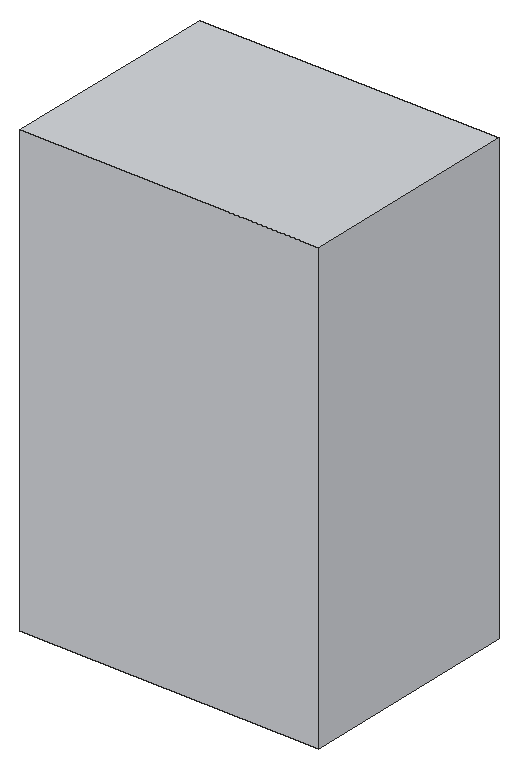
Revit family "cabinet-attempt-1-Codex_Parametric_Casework", category Casework, Revit 2025
Family settings
  OmniClass Number = 23.40.35.00
  OmniClass Title = Casework
  Work Plane-Based = No
  Always vertical = Yes
  Cut with Voids When Loaded = No
  Shared = No
  Room Calculation Point = No
Parameters (values of type "Codex_Parametric_Box")
  Depth = 2' - 0"
  Height = 3' - 0"
  Width = 4' - 0"
  Default Elevation = 0' - 0"
  CodexWidth = 2' - 0"
  CodexHeight = 3' - 0"
  CodexDepth = 1' - 6"
Reference planes (in)
  plane 1 "Back": y = 0
  plane 2: z = 0
  plane 3 "Center (Left/Right)": x = 0.7377
  plane 4 "Left": x = -23.2623
  plane 5 "Right": x = 24.7377
  plane 6 "Front": y = -24
  plane 7 "Top": z = 36
Forms (in)
  Extrusion 1, solid
    sketch origin (0, 0, 0) x (1, 0, 0) y (0, 1, 0)
      loop
        line (0, 0) -> (24, 0) -> (24, 18) -> (0, 18) -> (0, 0)
    from 0 to 36 <- "CodexHeight"
Dimensions and locks (in)
  "Depth": plane 6 "Front" to plane 1 "Back"
  "Width": plane 4 "Left" to plane 5 "Right"
  equal spacing: plane 4 "Left", plane 3 "Center (Left/Right)", plane 5 "Right"
  "Height": level to plane 7 "Top"
  "CodexWidth": Extrusion 1 to Extrusion 1
  "CodexDepth": Extrusion 1 to Extrusion 1
  aligned and locked: plane 2 to level
Automatic sketch dimensions
  plane 1 "Back" to Extrusion 1 sketch curve = 0' - 0"
  Extrusion 1 sketch curve to plane 3 "Center (Left/Right)" = 0' - 0.7377"
  plane 5 "Right" to Extrusion 1 sketch curve = 0' - 0.7377"
  Extrusion 1 sketch curve to plane 1 "Back" = 1' - 6"
